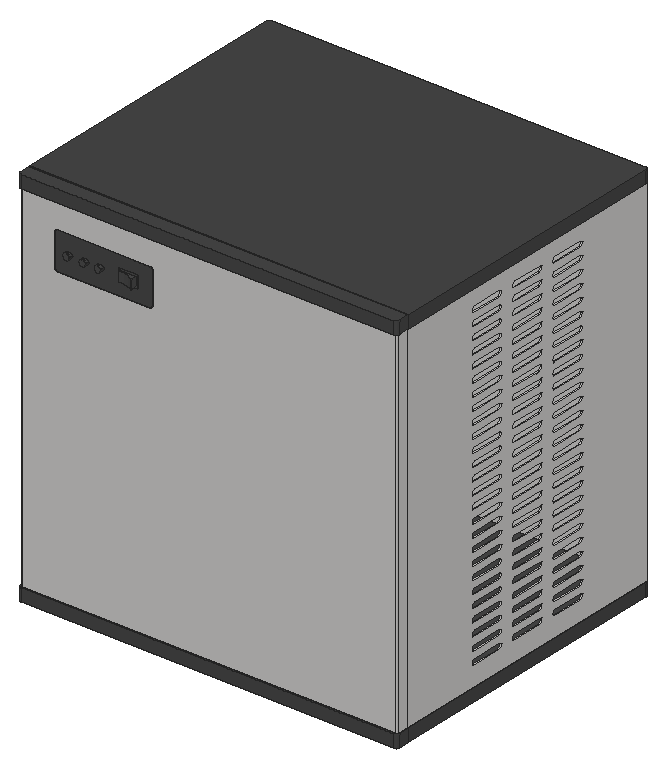
Revit family "QF_Icetro_IM-1100-RC_RH", category Specialty Equipment, Revit 2020 (continued)
Automatic sketch dimensions
  plane 13 "Lower Door" to Extrusion 11 sketch curve = 2.32746"
  plane 7 to Extrusion 12 sketch curve = 10.42"
  Extrusion 12 sketch curve to Extrusion 12 sketch curve = 0.25"  (x3)
  Extrusion 12 sketch curve to Extrusion 12 sketch curve = 0"
  plane 7 to curve 8 = 0.125"
  plane 15 to curve 4 = 0.125"
  plane 7 to curve 5 = 0.125"
  curve 6 to plane 8 = 0.125"
  curve 9 to plane 11 = 0"
  curve 10 to plane 14 = 0"
  Extrusion 6 sketch curve to plane 1 "BACK" = 0"
  Extrusion 6 sketch curve to plane 12 = 2.8"
  plane 14 to Extrusion 6 sketch curve = 6.5875"  (x3)
  Extrusion 6 sketch curve to Extrusion 6 sketch curve = 0"  (x124)
  plane 13 "Lower Door" to Extrusion 6 sketch curve = 1.75"
  Extrusion 6 sketch curve to Extrusion 6 sketch curve = 2.5"  (x13)
  Extrusion 6 sketch curve to Extrusion 6 sketch curve = 1.5"  (x17)
  Extrusion 6 sketch curve to plane 12 = 1.3"  (x2)
  plane 13 "Lower Door" to Extrusion 6 sketch curve = 1.5"
  Extrusion 6 sketch curve to Extrusion 6 sketch curve = 0.25"  (x76)
  Extrusion 6 sketch curve to Extrusion 6 sketch curve = 0.5"  (x74)
  plane 14 to Extrusion 7 sketch curve = 6.5875"  (x2)
  Extrusion 7 sketch curve to Extrusion 7 sketch curve = 0"  (x130)
  plane 13 "Lower Door" to Extrusion 7 sketch curve = 1.75"
  Extrusion 7 sketch curve to Extrusion 7 sketch curve = 2.5"  (x13)
  Extrusion 7 sketch curve to Extrusion 7 sketch curve = 1.5"  (x11)
  Extrusion 7 sketch curve to plane 12 = 1.3"  (x2)
  plane 13 "Lower Door" to Extrusion 7 sketch curve = 1.5"  (x2)
  Extrusion 7 sketch curve to Extrusion 7 sketch curve = 0.25"  (x76)
  Extrusion 7 sketch curve to Extrusion 7 sketch curve = 0.5"  (x75)
  radius of Extrusion 9 sketch curve = 0.25"
  radius of Extrusion 10 sketch curve = 0.1875"
  radius of Extrusion 11 sketch curve = 0.375"
Nested families (in)
  nested 1: "Icetro_IM_Display Panel" at (2.765, -24.425, 24.34), type "Icetro_IM_Display Panel"
    with Symbolic Lines no
Connectors (in)
  electrical at (11.00927, 0.25, 28.17675), driven by "Number of Poles", driven by "Volts", driven by "Apparent Power"
    settings: on Extrusion 9, index 1, voltage 230 V, apparent load 3588 VA, apparent load phase1 0 VA, apparent load phase2 0 VA, apparent load phase3 0 VA, power factor 1, load classification "Other", number of poles 1, system type 30, power factor state 1, is connector primary yes, connector utility no, sub classification motor no, connector description "ELECTRICAL"
  piping at (10.33427, 0.25, 3.32746), diameter 0.375, driven by "Chilled Water Supply Size", driven by "Chilled Water Flow"
    settings: on Extrusion 10, index 2, connector inside diameter 24", connector length 0", flow factor 0, pipe flow 0 GPM, pressure drop 0.00 psi, fitting loss kfactor 0, connector angle 0.00°, fixture units 0, engagement length 0", angle of deflection 0.00°, flow configuration 1, flow direction 1, fitting loss method 0, system type 20, joint type 0, gender type 0, connector reference index -1, connector utility 0, adjustable connector no, is connector primary yes, connector description "COLD WATER"
  piping at (5.33427, 0.25, 3.32746), diameter 0.75, driven by "Indirect Waste Size", driven by "Indirect Waste Flow"
    settings: on Extrusion 11, index 3, connector inside diameter 24", connector length 0", flow factor 0, pipe flow 0 GPM, pressure drop 0.00 psi, fitting loss kfactor 0, connector angle 0.00°, fixture units 0, engagement length 0", angle of deflection 0.00°, flow configuration 1, flow direction 2, fitting loss method 0, system type 16, joint type 0, gender type 0, connector reference index -1, connector utility 0, adjustable connector no, is connector primary no, connector description "INDIRECT WASTE"
Definition of nested family "Icetro_IM_Display Panel"
  Parameters (values of type "Icetro_IM_Display Panel")
    Symbolic Lines [instance] = yes
    Height = 2.91"
    Depth = 0.25"
    Width = 7.78"
    Watermarked By = ""
    Model = ""
    Manufacturer = ""
    Keynote = ""
    Description = ""
    Default Elevation = 0"
    Content Creator URL = "www.fescad.com"
    Content Creator = "Foodservice Equipment Symbols, LLC"  # constant formula
    Content Created = "09/14/2023"  # constant formula
  Reference planes (in)
    plane 1 "BACK": y = 0
    plane 2: z = 0
    plane 3 "LEFT": x = -16.56573
    plane 4 "FRONT": y = -0.25
    plane 5 "RIGHT": x = -8.78573
    plane 6 "TOP": z = 2.91
  Forms (in)
    Extrusion 1, solid
      sketch origin (0, 0, 0) x (1, 0, 0) y (0, 0, 1)
        loop
          arc (-16.31573, 2.91) -> (-16.4925, 2.83678) -> (-16.56573, 2.66) r 0.25
          line (-16.56573, 2.66) -> (-16.56573, 0.25)
          arc (-16.56573, 0.25) -> (-16.4925, 0.07322) -> (-16.31573, 0) r 0.25
          line (-16.31573, 0) -> (-9.03573, 0)
          arc (-9.03573, 0) -> (-8.85895, 0.07322) -> (-8.78573, 0.25) r 0.25
          line (-8.78573, 0.25) -> (-8.78573, 2.66)
          arc (-8.78573, 2.66) -> (-8.85895, 2.83678) -> (-9.03573, 2.91) r 0.25
          line (-9.03573, 2.91) -> (-16.31573, 2.91)
        loop
          circle (-15.44215, 1.455) r 0.25
        loop
          circle (-14.16036, 1.455) r 0.25
        loop
          circle (-12.96531, 1.455) r 0.25
        loop
          line (-10.00052, 1.955) -> (-11.50052, 1.955) -> (-11.50052, 0.955) -> (-10.00052, 0.955) -> (-10.00052, 1.955)
      from 0 to 0.25
    Extrusion 2, solid
      sketch origin (0, 0, 0) x (1, 0, 0) y (0, 0, 1)
        loop
          line (-11.50052, 1.955) -> (-11.50052, 0.955) -> (-10.00052, 0.955) -> (-10.00052, 1.955) -> (-11.50052, 1.955)
        loop
          line (-11.37552, 1.08) -> (-10.12552, 1.08) -> (-10.12552, 1.83) -> (-11.37552, 1.83) -> (-11.37552, 1.08)
      from 0 to 0.25
    Extrusion 3, solid
      sketch origin (0, 0, 0) x (1, 0, 0) y (0, 0, 1)
        loop
          circle (-15.44215, 1.455) r 0.25
        loop
          circle (-14.16036, 1.455) r 0.25
        loop
          circle (-12.96531, 1.455) r 0.25
      from 0 to 0.5
    Extrusion 4, solid
      sketch origin (-10.13887, 0, 1.08) x (-1, 0, 0) y (0, -1, 0)
        loop
          line (-0.01335, 0) -> (1.23665, 0) -> (1.23665, 0.34976)
          arc (1.23665, 0.34976) -> (1.2279, 0.37135) -> (1.2066, 0.38075) r 0.031
          arc (1.2066, 0.38075) -> (0.60169, 0.46849) -> (0.0321, 0.69024) r 2.69591
          arc (0.0321, 0.69024) -> (0.00164, 0.68935) -> (-0.01335, 0.66281) r 0.031
          line (-0.01335, 0.66281) -> (-0.01335, 0)
      from 0 to 0.75
  Lines and regions (in)
    symbolic lines, visible <- "Symbolic Lines"
      curve 1: line (-16.56573, 0, 5.25) -> (-8.78573, 0, 5.25)
      curve 2: line (-16.56573, -0.25, 5.25) -> (-16.56573, 0, 5.25)
      curve 3: line (-8.78573, -0.25, 5.25) -> (-16.56573, -0.25, 5.25)
      curve 4: line (-8.78573, 0, 5.25) -> (-8.78573, -0.25, 5.25)
  Dimensions and locks (in)
    "Width": plane 3 "LEFT" to plane 5 "RIGHT"
    "Depth": plane 4 "FRONT" to plane 1 "BACK"
    "Height": plane 6 "TOP" to level
    aligned and locked: level to plane 2
    aligned and locked: Extrusion 1 sketch curve to plane 6 "TOP"
    aligned and locked: plane 3 "LEFT" to Extrusion 1 sketch curve
    aligned and locked: level to Extrusion 1 sketch curve
    aligned and locked: Extrusion 1 sketch curve to plane 5 "RIGHT"
    aligned and locked: Extrusion 1 to plane 4 "FRONT"
    aligned and locked: Extrusion 2 sketch curve to Extrusion 1  (x4)
    aligned and locked: Extrusion 2 to plane 4 "FRONT"
    aligned and locked: plane 1 "BACK" to Extrusion 4 sketch curve
    aligned and locked: curve 1 to Extrusion 1
    aligned and locked: curve 2 to Extrusion 1
    aligned and locked: curve 3 to Extrusion 1
    aligned and locked: curve 4 to Extrusion 1
  Automatic sketch dimensions
    plane 3 "LEFT" to Extrusion 1 sketch curve = 0.25"  (x2)
    plane 3 "LEFT" to Extrusion 1 sketch curve = 1.12357"
    Extrusion 1 sketch curve to Extrusion 1 sketch curve = 1.28179"
    Extrusion 1 sketch curve to Extrusion 1 sketch curve = 1.19505"
    Extrusion 1 sketch curve to plane 5 "RIGHT" = 0.25"
    Extrusion 1 sketch curve to Extrusion 1 sketch curve = 0.25"
    Extrusion 1 sketch curve to Extrusion 1 sketch curve = 0"  (x2)
    Extrusion 1 sketch curve to Extrusion 1 sketch curve = 1.46479"
    Extrusion 1 sketch curve to Extrusion 1 sketch curve = 0.96479"
    Extrusion 1 sketch curve to Extrusion 1 sketch curve = 0.705"
    Extrusion 1 sketch curve to plane 6 "TOP" = 0.955"
    Extrusion 1 sketch curve to Extrusion 1 sketch curve = 0.5"
    Extrusion 2 sketch curve to Extrusion 2 sketch curve = 0.125"  (x4)
    plane 3 "LEFT" to Extrusion 3 sketch curve = 1.12357"
    Extrusion 3 sketch curve to Extrusion 3 sketch curve = 1.28179"
    Extrusion 3 sketch curve to Extrusion 3 sketch curve = 1.19505"
    level to Extrusion 3 sketch curve = 1.455"
    Extrusion 3 sketch curve to Extrusion 3 sketch curve = 0"  (x2)
    Extrusion 4 sketch curve to Extrusion 2 = 0"  (x2)
    Extrusion 4 sketch curve to Extrusion 4 sketch curve = 0.031"
    Extrusion 4 sketch curve to Extrusion 2 = 0.031"
    Extrusion 2 to Extrusion 4 sketch curve = 0.05199"
    Extrusion 4 sketch curve to Extrusion 2 = 0.09976"
    Extrusion 4 sketch curve to Extrusion 4 sketch curve = 0"  (x2)
    Extrusion 4 sketch curve to Extrusion 2 = 0.03006"
    radius of Extrusion 1 sketch curve = 0.25"  (x3)
    radius of Extrusion 3 sketch curve = 0.25"  (x3)
Types (5): name | Volts | Model | Apparent Power
  (no name) | 230 V | "IM-1100-RH" | 3588 VA
  208/60/1 IM-1100-RC | 208 V | "IM-1100-RC" | 3244.8 VA
  208/60/1 IM-1100-RH | 208 V | "IM-1100-RH" | 3244.8 VA
  230/60/1 IM-1100-RC | 230 V | "IM-1100-RC" | 3588 VA
  230/60/1 IM-1100-RH | 230 V | "IM-1100-RH" | 3588 VA
